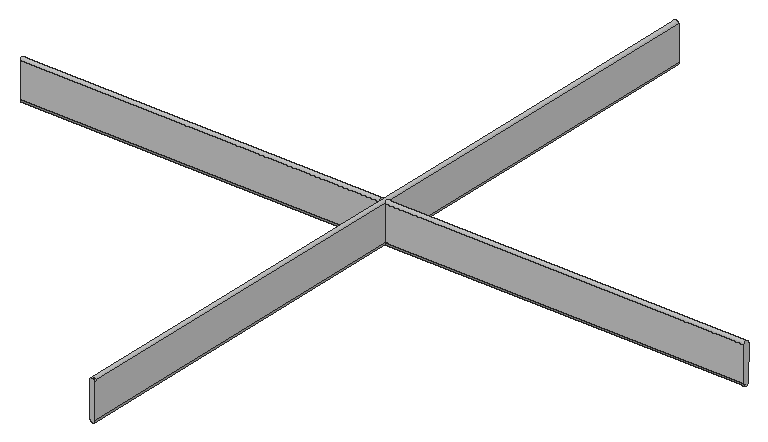
Revit family "Wall_Expansion_Joint-Emseal-Emshield-WFR1-(0.5-6-Inch)-Cross", category Specialty Equipment, host Face, Revit 2019
Family settings
  Host = Face
  Round Connector Dimension = Use Diameter
  Part Type = Normal
  OmniClass Number = 23.25.30.24
  OmniClass Title = Structural Walls
  Cut with Voids When Loaded = No
  Shared = No
  Room Calculation Point = No
Parameters (values of type "REFER TO TYPE CATALOG")
  Width = 0' - 0 1/2"
  Water Penetration of Curtain Wall By Uniform Static Air Pressure Difference (ASTM E331-00) = "No water penetration - 15 minute duration at 500 Delta-P(Pa), 1000 Delta-P(Pa),  and 5000 Delta-P(Pa)"  # constant formula
  URL = "http://www.emseal.com/"
  Tornado Resistance (Air Leakage) (ASTM E283) = "Tested to 200 mph with essentially no deflection"  # constant formula
  Top Length [instance] = 3' - 0"
  Thermal Conductivity (ASTM C518) = "0.9824 BTU*in/h*ft^2*F (0.1417 W/m*K)"  # constant formula
  Tensile Strength (ASTM D3574) = "21 psi min;  145 kPa"  # constant formula
  Temperature Range (ASTM C711) = "185°F (85°C) to -40°F (-40°C)"  # constant formula
  Standard Test Method For Structural Performance of Exterior Windows, Doors, Sylights and Curtain Walls by Uniform Static Air Pressure Difference (ASTM E330) = "1.9mm @ 4854Pa (200mph) 6-Inch width"  # constant formula
  Staining (ASTM C510) = "None"  # constant formula
  Seal Material Note = "WFR1 has a layer of Intumescent Sealant underneath the layers of silicone on both sides"  # constant formula
  Seal Material = Silicone - Sikasil WS-295
  STC Rating (Sound Transmission Class) (ASTM E90) = "STC 64 (in a STC 68 wall)"  # constant formula
  Right Length [instance] = 3' - 0"
  Rate of Air Leakage (ASTM E283) = "Passed"  # constant formula
  R Value Range (ASTM C518) = "1.03 per 1-inch (25mm) depth"  # constant formula
  Product data url = "https://cdn.emseal.com/wp-content/uploads/2016/06/emshield-wfr1-tech-data-2-hour-fire-rated-expansion-joint-wall-emseal.pdf"
  Product Page URL = "https://www.emseal.com/product/wfr1-fire-rated-wall-expansion-joint/"
  Product Documentation Link = "https://cdn.emseal.com/wp-content/uploads/2016/06/emshield-wfr1-tech-data-2-hour-fire-rated-expansion-joint-wall-emseal.pdf"
  Pick Resistant = "No"  # constant formula
  OITC Rating (Outdoor/Indoor Transmission Class) = "OITC 52 (in a OITC 52 wall)"  # constant formula
  Number of Sticks Required [instance] = (Right Length + Left Length + Top Length + Bottom Length) / 6' 6 23/32"  # 1.8293
  Movement (of Nominal Material Size) = "+/- 50%"
  Model = "WFR1"
  Manufacturer = "Emseal"  # constant formula
  Left Length [instance] = 3' - 0"
  Host Thickness = 0' 0" - Depth  # -0' - 4"
  Fire Resistance and Movement Cycling Regime (UL 2079, ASTM E1966, ASTM E119, ASTM E1399) = "Passed"  # constant formula
  Fire Rating (Hours per UL2079) = "1"
  Fire Rated Movement Rating (UL2079) = "Class II, III"  # constant formula
  Durometer Hardness of Silicone Coating (ASTM D2240) = "Shore A: 15"  # constant formula
  Description = "Fire Rated, Watertight, Sound Dampening, Primary Seal for Interior and Exterior Wall Expansion Joints"  # constant formula
  Depth = 0' - 4"
  Default Elevation = 4' - 0"
  Bottom Length [instance] = 3' - 0"
  Assembly Code = "B2010"
  Air Permeability (ASTM E283-04) = "0.00017 L/(s-m²) @ 75 Delta-P(Pa) 0.00017 L(s-m²) @ 250 Delta-P(Pa)"  # constant formula
  ABAA Compliance = "YES"  # constant formula
Reference planes (in)
  plane 1 "Center (Front/Back)": y = 0
  plane 2: z = 0
  plane 3 "Center (Left/Right)": x = 0
  plane 4: y = 36.25
  plane 5: y = -36.25
  plane 6: x = -0.25
  plane 7: x = 0.25
  plane 8: z = -4
  plane 9: y = -0.25
  plane 10: y = 0.25
  plane 11: x = -36
  plane 12: x = 36
  plane 13 "MR": z = 3.75
Forms (in)
  Extrusion 1, void
    sketch origin (0, 0, 0) x (1, 0, 0) y (0, 1, 0)
      loop
        line (-0.25, -36.25) -> (0.25, -36.25) -> (0.25, 36.25) -> (-0.25, 36.25) -> (-0.25, -36.25)
    from -120 to 0
  Extrusion 2, void
    sketch origin (0, 0, 0) x (1, 0, 0) y (0, 1, 0)
      loop
        line (-36, -0.25) -> (36, -0.25) -> (36, 0.25) -> (-36, 0.25) -> (-36, -0.25)
    from -120 to 0
Lines and regions (in)
  symbolic lines, detail levels medium+fine
    curve 1: line (-0.25, 0.25, 3.75) -> (-0.25, -0.25, 3.75)
    curve 2: line (0.25, 0.25, 3.75) -> (0.25, -0.25, 3.75)
Dimensions and locks (in)
  equal spacing: plane 6, plane 3 "Center (Left/Right)", plane 7
  "Width": plane 6 to plane 7
  level to plane 8 = 0' - 4"
  equal spacing: plane 9, plane 1 "Center (Front/Back)", plane 10
  "Width": plane 10 to plane 9
  "Left Length": plane 11 to plane 3 "Center (Left/Right)"
  "Right Length": plane 3 "Center (Left/Right)" to plane 12
  "Bottom Length": plane 9 to plane 5
  "Top Length": plane 4 to plane 10
  aligned and locked: host face to plane 2
  aligned and locked: host face to level
  aligned and locked: Extrusion 1 sketch curve to plane 5
  aligned and locked: Extrusion 1 sketch curve to plane 7
  aligned and locked: Extrusion 1 sketch curve to plane 6
  aligned and locked: Extrusion 1 sketch curve to plane 4
  aligned and locked: plane 2 to Extrusion 1
  aligned and locked: Extrusion 2 sketch curve to plane 9
  aligned and locked: Extrusion 2 sketch curve to plane 10
  aligned and locked: Extrusion 2 sketch curve to plane 11
  aligned and locked: plane 12 to Extrusion 2
  aligned and locked: plane 9 to curve 2
  aligned and locked: plane 10 to curve 2
  aligned and locked: plane 10 to curve 1
  aligned and locked: plane 9 to curve 1
  aligned and locked: plane 4 to nested 1
  aligned and locked: plane 5 to nested 1
  aligned and locked: nested 3 to plane 7
  aligned and locked: nested 2 to plane 6
  aligned and locked: nested 2 to plane 11
  aligned and locked: nested 3 to plane 12
  aligned and locked: nested 2 to plane 1 "Center (Front/Back)"
  aligned and locked: nested 3 to plane 1 "Center (Front/Back)"
  aligned and locked: plane 3 "Center (Left/Right)" to nested 1
Automatic sketch dimensions
  host sketch curve to host sketch curve = 21' - 11.44583"
  host sketch curve to host sketch curve = 17' - 2.14829"
  plane 6 to Extrusion 2 sketch curve = 3' - 0 1/4"
  curve 2 to plane 7 = 0' - 0"
  curve 1 to plane 6 = 0' - 0"
Nested families (in)
  nested 1: "EmShield_WFR_Bellow_Facebased" at (0, 0, 0), Width <- "Width", Depth <- "Depth", Seal Material <- "Seal Material", type "WFR"
    with Width 0' - 0 1/2", Triple Bellow no, Single Bellow yes, Seal Material Silicone - Sikasil WS-295, Quad Bellow no, Pent Bellow no, Length 6' - 0 1/2", Depth 0' - 4", Calc Width Triple 0' - 1 1/2", Calc Width Single 0' - 0 1/2", Calc Width Quad 0' - 3 131/256", Calc Width Pent 0' - 4 1/2"
  nested 2: "EmShield_WFR_Bellow_Facebased" at (-18.125, 0, 0) x (0, 1, 0) z (0, 0, 1), Width <- "Width", Depth <- "Depth", Seal Material <- "Seal Material", type "WFR"
    with Width 0' - 0 1/2", Triple Bellow no, Single Bellow yes, Seal Material Silicone - Sikasil WS-295, Quad Bellow no, Pent Bellow no, Length 2' - 11 3/4", Depth 0' - 4", Calc Width Triple 0' - 1 1/2", Calc Width Single 0' - 0 1/2", Calc Width Quad 0' - 3 131/256", Calc Width Pent 0' - 4 1/2"
  nested 3: "EmShield_WFR_Bellow_Facebased" at (18.125, 0, 0) x (0, 1, 0) z (0, 0, 1), Width <- "Width", Depth <- "Depth", Seal Material <- "Seal Material", type "WFR"
    with Width 0' - 0 1/2", Triple Bellow no, Single Bellow yes, Seal Material Silicone - Sikasil WS-295, Quad Bellow no, Pent Bellow no, Length 2' - 11 3/4", Depth 0' - 4", Calc Width Triple 0' - 1 1/2", Calc Width Single 0' - 0 1/2", Calc Width Quad 0' - 3 131/256", Calc Width Pent 0' - 4 1/2"
Definition of nested family "EmShield_WFR_Bellow_Facebased"
  Parameters
    Width [instance] = 0' - 4 3/4"
    Triple Bellow [instance] = and(Width > 0' 1 125/256", Width < 0' 3 131/256")  # no
    Single Bellow [instance] = Width < 0' 1 67/256"  # no
    Seal Material [instance] = none
    Quad Bellow [instance] = and(Width > 0' 3 189/256", Width < 0' 4 131/256")  # no
    Pent Bellow [instance] = and(Width > 0' 4 189/256", Width < 0' 6 3/256")  # yes
    Length [instance] = 7' - 0"
    Depth [instance] = 0' - 4"
    Default Elevation = 4' - 0"
    Calc Width Triple [instance] = if(or(Width > 0' 3 131/256", Width < 0' 1 125/256"), 0' 1 1/2", Width)  # 0' - 1 1/2"
    Calc Width Single [instance] = if(Width > 0' 1 67/256", 0' 1 67/256", Width)  # 0' - 1 67/256"
    Calc Width Quad [instance] = if(or(Width > 0' 4 131/256", Width < 0' 3 189/256"), 0' 3 131/256", Width)  # 0' - 3 131/256"
    Calc Width Pent [instance] = if(or(Width > 0' 6 3/256", Width < 0' 4 125/256"), 0' 4 1/2", Width)  # 0' - 4 3/4"
  Reference planes (in)
    plane 1 "Center (Front/Back)": y = 0
    plane 2: z = 0
    plane 3 "Center (Left/Right)": x = 0
    plane 4: y = 42
    plane 5: y = -42
    plane 6: x = -0.75
    plane 7: x = 0.75
    plane 8: z = -4
    plane 9: x = -0.87793
    plane 10: x = 0.87793
    plane 11: x = -0.25
    plane 12: x = 0.25
    plane 13: x = -1.75586
    plane 14: x = 1.75586
    plane 15: x = -0.63086
    plane 16: x = 0.63086
    plane 17: x = -2.375
    plane 18: x = 2.375
    plane 19: x = -5.625
    plane 20: x = 5.875
    plane 21: x = -1.425
    plane 22: x = -0.475
    plane 23: x = 0.475
    plane 24: x = -2.375
    plane 25: x = 2.375
    plane 26: x = 1.425
  Forms (in)
    Extrusion 1, solid
      sketch origin (0, 0, 0) x (1, 0, 0) y (0, 1, 0)
        loop
          line (-48, 48) -> (-48, -48) -> (48, -48) -> (48, 48) -> (-48, 48)
      from 0 to -12
    Extrusion 2, solid, material <- "Seal Material", visible <- "Quad Bellow", detail levels medium+fine
      sketch origin (0, 0, 0) x (1, 0, 0) y (0, 0, 1)
        loop
          line (1.75586, -3.56106) -> (1.75586, -0.43896)
          arc (1.75586, -0.43896) -> (1.31689, 0) -> (0.87793, -0.43896) r 0.43896
          arc (0.87793, -0.43896) -> (0.43896, 0) -> (0, -0.43896) r 0.43896
          arc (0, -0.43896) -> (-0.43896, 0) -> (-0.87793, -0.43896) r 0.43896
          arc (-0.87793, -0.43896) -> (-1.31689, 0) -> (-1.75586, -0.43896) r 0.43896
          line (-1.75586, -0.43896) -> (-1.75586, -3.56106)
          arc (-1.75586, -3.56106) -> (-1.31689, -4.00002) -> (-0.87793, -3.56106) r 0.43896
          arc (-0.87793, -3.56106) -> (-0.43896, -4.00002) -> (0, -3.56106) r 0.43896
          arc (0, -3.56106) -> (0.43896, -4.00002) -> (0.87793, -3.56106) r 0.43896
          arc (0.87793, -3.56106) -> (1.31689, -4.00002) -> (1.75586, -3.56106) r 0.43896
      from -42 to 42
    Extrusion 3, solid, material <- "Seal Material", visible <- "Triple Bellow", detail levels medium+fine
      sketch origin (0, 0, 0) x (1, 0, 0) y (0, 0, 1)
        loop
          line (-0.75, -0.25) -> (-0.75, -3.75)
          arc (-0.75, -3.75) -> (-0.5, -4) -> (-0.25, -3.75) r 0.25
          arc (-0.25, -3.75) -> (0, -4) -> (0.25, -3.75) r 0.25
          arc (0.25, -3.75) -> (0.5, -4) -> (0.75, -3.75) r 0.25
          line (0.75, -3.75) -> (0.75, -0.25)
          arc (0.75, -0.25) -> (0.5, 0) -> (0.25, -0.25) r 0.25
          arc (0.25, -0.25) -> (0, 0) -> (-0.25, -0.25) r 0.25
          arc (-0.25, -0.25) -> (-0.5, 0) -> (-0.75, -0.25) r 0.25
      from -42 to 42
    Extrusion 4, solid, material <- "Seal Material", visible <- "Single Bellow", detail levels medium+fine
      sketch origin (0, 0, 0) x (1, 0, 0) y (0, 0, 1)
        loop
          line (-0.63086, -0.63086) -> (-0.63086, -3.36914)
          arc (-0.63086, -3.36914) -> (0, -4) -> (0.63086, -3.36914) r 0.63086
          line (0.63086, -3.36914) -> (0.63086, -0.63086)
          arc (0.63086, -0.63086) -> (0, 0) -> (-0.63086, -0.63086) r 0.63086
      from -42 to 42
    Extrusion 5, solid, material <- "Seal Material", detail levels coarse
      sketch origin (0, 0, 0) x (1, 0, 0) y (0, 0, 1)
        loop
          line (2.375, -4) -> (2.375, 0) -> (-2.375, 0) -> (-2.375, -4) -> (2.375, -4)
      from -42 to 42
    Extrusion 6, solid, material <- "Seal Material", visible <- "Pent Bellow", detail levels medium+fine
      sketch origin (0, 0, 0) x (1, 0, 0) y (0, 0, 1)
        loop
          line (-2.375, -0.475) -> (-2.375, -3.52513)
          arc (-2.375, -3.52513) -> (-1.9, -4.00013) -> (-1.425, -3.52513) r 0.475
          arc (-1.425, -3.52513) -> (-0.95, -4.00013) -> (-0.475, -3.52513) r 0.475
          arc (-0.475, -3.52513) -> (0, -4.00013) -> (0.475, -3.52513) r 0.475
          arc (0.475, -3.52513) -> (0.95, -4.00013) -> (1.425, -3.52513) r 0.475
          arc (1.425, -3.52513) -> (1.9, -4.00013) -> (2.375, -3.52513) r 0.475
          line (2.375, -3.52513) -> (2.375, -0.475)
          arc (2.375, -0.475) -> (1.9, 0) -> (1.425, -0.475) r 0.475
          arc (1.425, -0.475) -> (0.95, 0) -> (0.475, -0.475) r 0.475
          arc (0.475, -0.475) -> (0, 0) -> (-0.475, -0.475) r 0.475
          arc (-0.475, -0.475) -> (-0.95, 0) -> (-1.425, -0.475) r 0.475
          arc (-1.425, -0.475) -> (-1.9, 0) -> (-2.375, -0.475) r 0.475
      from -42 to 42
  Lines and regions (in)
    Masking region 1
      outline origin (0, 0, 2.62265) x (-1, 0, 0) y (0, -1, 0)
        loop
          line (2.375, -42) -> (2.375, 42) -> (-2.375, 42) -> (-2.375, -42) -> (2.375, -42)
    Masking region 2, detail levels coarse
      outline origin (0, 0, 0) x (1, 0, 0) y (0, 0, 1)
        loop
          line (2.375, 0) -> (-2.375, 0) -> (-2.375, -4) -> (2.375, -4) -> (2.375, 0)
    Masking region 3, visible <- "Pent Bellow", detail levels medium+fine
      outline origin (0, 0, 0) x (1, 0, 0) y (0, 0, 1)
        loop
          arc (-1.425, -0.475) -> (-1.9, 0) -> (-2.375, -0.475) r 0.475
          line (-2.375, -0.475) -> (-2.375, -3.52513)
          arc (-2.375, -3.52513) -> (-1.9, -4.00013) -> (-1.425, -3.52513) r 0.475
          arc (-1.425, -3.52513) -> (-0.95, -4.00013) -> (-0.475, -3.52513) r 0.475
          arc (-0.475, -3.52513) -> (0, -4.00013) -> (0.475, -3.52513) r 0.475
          arc (0.475, -3.52513) -> (0.95, -4.00013) -> (1.425, -3.52513) r 0.475
          arc (1.425, -3.52513) -> (1.9, -4.00013) -> (2.375, -3.52513) r 0.475
          line (2.375, -3.52513) -> (2.375, -0.475)
          arc (2.375, -0.475) -> (1.9, 0) -> (1.425, -0.475) r 0.475
          arc (1.425, -0.475) -> (0.95, 0) -> (0.475, -0.475) r 0.475
          arc (0.475, -0.475) -> (0, 0) -> (-0.475, -0.475) r 0.475
          arc (-0.475, -0.475) -> (-0.95, 0) -> (-1.425, -0.475) r 0.475
    Masking region 4, visible <- "Quad Bellow", detail levels medium+fine
      outline origin (0, 0, 0) x (1, 0, 0) y (0, 0, 1)
        loop
          line (-1.75586, -0.43896) -> (-1.75586, -3.56106)
          arc (-1.75586, -3.56106) -> (-1.31689, -4.00002) -> (-0.87793, -3.56106) r 0.43896
          arc (-0.87793, -3.56106) -> (-0.43896, -4.00002) -> (0, -3.56106) r 0.43896
          arc (0, -3.56106) -> (0.43896, -4.00002) -> (0.87793, -3.56106) r 0.43896
          arc (0.87793, -3.56106) -> (1.31689, -4.00002) -> (1.75586, -3.56106) r 0.43896
          line (1.75586, -3.56106) -> (1.75586, -0.43896)
          arc (1.75586, -0.43896) -> (1.31689, 0) -> (0.87793, -0.43896) r 0.43896
          arc (0.87793, -0.43896) -> (0.43896, 0) -> (0, -0.43896) r 0.43896
          arc (0, -0.43896) -> (-0.43896, 0) -> (-0.87793, -0.43896) r 0.43896
          arc (-0.87793, -0.43896) -> (-1.31689, 0) -> (-1.75586, -0.43896) r 0.43896
    Masking region 5, visible <- "Single Bellow", detail levels medium+fine
      outline origin (0, 0, 0) x (1, 0, 0) y (0, 0, 1)
        loop
          arc (0.63086, -0.63086) -> (0, 0) -> (-0.63086, -0.63086) r 0.63086
          line (-0.63086, -0.63086) -> (-0.63086, -3.36914)
          arc (-0.63086, -3.36914) -> (0, -4) -> (0.63086, -3.36914) r 0.63086
          line (0.63086, -3.36914) -> (0.63086, -0.63086)
    Masking region 6, visible <- "Triple Bellow", detail levels medium+fine
      outline origin (0, 0, 0) x (1, 0, 0) y (0, 0, 1)
        loop
          arc (-0.25, -3.75) -> (0, -4) -> (0.25, -3.75) r 0.25
          arc (0.25, -3.75) -> (0.5, -4) -> (0.75, -3.75) r 0.25
          line (0.75, -3.75) -> (0.75, -0.25)
          arc (0.75, -0.25) -> (0.5, 0) -> (0.25, -0.25) r 0.25
          arc (0.25, -0.25) -> (0, 0) -> (-0.25, -0.25) r 0.25
          arc (-0.25, -0.25) -> (-0.5, 0) -> (-0.75, -0.25) r 0.25
          line (-0.75, -0.25) -> (-0.75, -3.75)
          arc (-0.75, -3.75) -> (-0.5, -4) -> (-0.25, -3.75) r 0.25
    Masking region 7
      outline origin (0, 0, 0) x (0, 1, 0) y (0, 0, 1)
        loop
          line (42, -4) -> (42, 0) -> (-42, 0) -> (-42, -4) -> (42, -4)
    symbolic lines, visible <- "Quad Bellow", detail levels medium+fine
      curve 1: line (-0.87793, 42, 2.62265) -> (-0.87793, -42, 2.62265)
      curve 2: line (0.87793, 42, 2.62265) -> (0.87793, -42, 2.62265)
      curve 3: line (0, 42, 2.62265) -> (0, -42, 2.62265)
    symbolic lines, visible <- "Triple Bellow", detail levels medium+fine
      curve 4: line (-0.25, 42, 0) -> (-0.25, -42, 0)
      curve 5: line (0.25, 42, 0) -> (0.25, -42, 0)
    symbolic lines, visible <- "Pent Bellow", detail levels medium+fine
      curve 6: line (-1.425, 42, 0) -> (-1.425, -42, 0)
      curve 7: line (-0.475, 42, 0) -> (-0.475, -42, 0)
      curve 8: line (0.475, 42, 0) -> (0.475, -42, 0)
      curve 9: line (1.425, 42, 0) -> (1.425, -42, 0)
  Dimensions and locks (in)
    "Length": plane 4 to plane 5
    equal spacing: plane 6, plane 3 "Center (Left/Right)", plane 7
    "Depth": level to plane 8
    plane 8 to Extrusion 2 sketch curve to Extrusion 2 sketch curve to Extrusion 2 sketch curve to Extrusion 2 sketch curve = 0' - 0.00002" locked, 0' - 0" locked, 0' - 0" locked, 0' - 0" locked
    Extrusion 2 sketch curve to Extrusion 2 sketch curve to Extrusion 2 sketch curve to Extrusion 2 sketch curve to plane 2 = 0' - 0" locked, 0' - 0" locked, 0' - 0" locked, 0' - 0" locked
    equal spacing: plane 4, plane 1 "Center (Front/Back)", plane 5
    plane 8 to Extrusion 3 sketch curve to Extrusion 3 sketch curve to Extrusion 3 sketch curve = 0' - 0" locked, 0' - 0" locked, 0' - 0" locked
    plane 2 to Extrusion 3 sketch curve to Extrusion 3 sketch curve to Extrusion 3 sketch curve = 0' - 0" locked, 0' - 0" locked, 0' - 0" locked
    equal spacing: plane 7, plane 12, plane 11, plane 6
    "Calc Width Triple": plane 7 to plane 6
    equal spacing: plane 14, plane 10, plane 3 "Center (Left/Right)", plane 9, plane 13
    "Calc Width Quad": plane 14 to plane 13
    equal spacing: plane 16, plane 3 "Center (Left/Right)", plane 15
    "Calc Width Single": plane 16 to plane 15
    locked: plane 8 to Extrusion 4 sketch curve at 0
    locked: plane 2 to Extrusion 4 sketch curve at 0
    equal spacing: plane 18, plane 3 "Center (Left/Right)", plane 17
    "Width": plane 18 to plane 17
    locked: plane 19 to plane 17 at 3.25
    locked: plane 18 to plane 20 at 3.5
    equal spacing: plane 25, plane 3 "Center (Left/Right)", plane 24
    "Calc Width Pent": plane 25 to plane 24
    equal spacing: plane 25, plane 26, plane 23, plane 22, plane 21, plane 24
    plane 8 to Extrusion 6 sketch curve to Extrusion 6 sketch curve to Extrusion 6 sketch curve to Extrusion 6 sketch curve to Extrusion 6 sketch curve = 0' - 0.00013" locked, 0' - 0" locked, 0' - 0" locked, 0' - 0" locked, 0' - 0" locked
    plane 2 to Extrusion 6 sketch curve to Extrusion 6 sketch curve to Extrusion 6 sketch curve to Extrusion 6 sketch curve to Extrusion 6 sketch curve = 0' - 0" locked, 0' - 0" locked, 0' - 0" locked, 0' - 0" locked, 0' - 0" locked
    aligned and locked: plane 2 to Extrusion 1
    aligned and locked: level to Extrusion 1
    aligned and locked: Masking region 1 sketch curve to plane 4
    aligned and locked: Masking region 1 sketch curve to plane 5
    aligned and locked: plane 5 to curve 1
    aligned and locked: plane 5 to curve 2
    aligned and locked: plane 4 to curve 2
    aligned and locked: plane 4 to curve 1
    aligned and locked: curve 3 to plane 3 "Center (Left/Right)"
    aligned and locked: plane 10 to Extrusion 2 sketch curve  (x2)
    aligned and locked: plane 3 "Center (Left/Right)" to Extrusion 2 sketch curve  (x2)
    aligned and locked: plane 9 to Extrusion 2 sketch curve  (x2)
    aligned and locked: Extrusion 2 to plane 5
    aligned and locked: plane 4 to Extrusion 2
    aligned and locked: plane 6 to Extrusion 3 sketch curve
    aligned and locked: plane 7 to Extrusion 3 sketch curve
    aligned and locked: plane 12 to Extrusion 3 sketch curve  (x2)
    aligned and locked: plane 11 to Extrusion 3 sketch curve  (x2)
    aligned and locked: plane 13 to Extrusion 2 sketch curve
    aligned and locked: Extrusion 2 sketch curve to plane 14
    aligned and locked: plane 15 to Extrusion 4 sketch curve
    aligned and locked: plane 16 to Extrusion 4 sketch curve
    aligned and locked: Extrusion 5 sketch curve to plane 8
    aligned and locked: Extrusion 5 sketch curve to plane 2
    aligned and locked: Extrusion 5 sketch curve to plane 17
    aligned and locked: Extrusion 5 sketch curve to plane 18
    aligned and locked: Extrusion 5 to plane 5
    aligned and locked: Extrusion 4 to plane 5
    aligned and locked: Extrusion 3 to plane 5
    aligned and locked: plane 4 to Extrusion 5
    aligned and locked: plane 4 to Extrusion 4
    aligned and locked: plane 4 to Extrusion 3
    aligned and locked: curve 4 to plane 11
    aligned and locked: curve 5 to plane 12
    aligned and locked: Masking region 1 sketch curve to plane 17
    aligned and locked: plane 18 to Masking region 1 sketch curve
    aligned and locked: plane 24 to Extrusion 6 sketch curve
    aligned and locked: plane 25 to Extrusion 6 sketch curve
    aligned and locked: plane 21 to Extrusion 6 sketch curve  (x2)
    aligned and locked: plane 22 to Extrusion 6 sketch curve  (x2)
    aligned and locked: plane 23 to Extrusion 6 sketch curve  (x2)
    aligned and locked: plane 26 to Extrusion 6 sketch curve  (x2)
    aligned and locked: Extrusion 6 to plane 5
    aligned and locked: plane 4 to Extrusion 6
    aligned and locked: curve 6 to plane 21
    aligned and locked: curve 7 to plane 22
    aligned and locked: curve 8 to plane 23
    aligned and locked: curve 9 to plane 26
    aligned and locked: Masking region 2 sketch curve to Extrusion 5  (x4)
    aligned and locked: Masking region 3 sketch curve to Extrusion 6  (x10)
    aligned and locked: Masking region 4 sketch curve to Extrusion 2  (x8)
    aligned and locked: Masking region 5 sketch curve to Extrusion 4  (x2)
    aligned and locked: Masking region 6 sketch curve to Extrusion 3  (x6)
    aligned and locked: plane 4 to Masking region 7 sketch curve
    aligned and locked: plane 5 to Masking region 7 sketch curve
    aligned and locked: plane 8 to Masking region 7 sketch curve
    aligned and locked: level to Masking region 7 sketch curve
  Automatic sketch dimensions
    Extrusion 1 sketch curve to Extrusion 1 sketch curve = 8' - 0"  (x2)
    curve 3 to plane 4 = 0' - 0"
    curve 3 to plane 5 = 0' - 0"
    curve 2 to plane 10 = 0' - 0"
    curve 1 to plane 9 = 0' - 0"
    Extrusion 3 sketch curve to Extrusion 3 sketch curve = 0' - 0"
    curve 4 to plane 5 = 0' - 0"
    curve 5 to plane 5 = 0' - 0"
    curve 5 to plane 4 = 0' - 0"
    curve 4 to plane 4 = 0' - 0"
    curve 6 to plane 5 = 0' - 0"
    plane 4 to curve 6 = 0' - 0"
    curve 7 to curve 6 = 0' - 0"
    curve 6 to curve 7 = 0' - 0"
    curve 8 to curve 7 = 0' - 0"
    curve 7 to curve 8 = 0' - 0"
    curve 9 to curve 8 = 0' - 0"
    curve 8 to curve 9 = 0' - 0"
